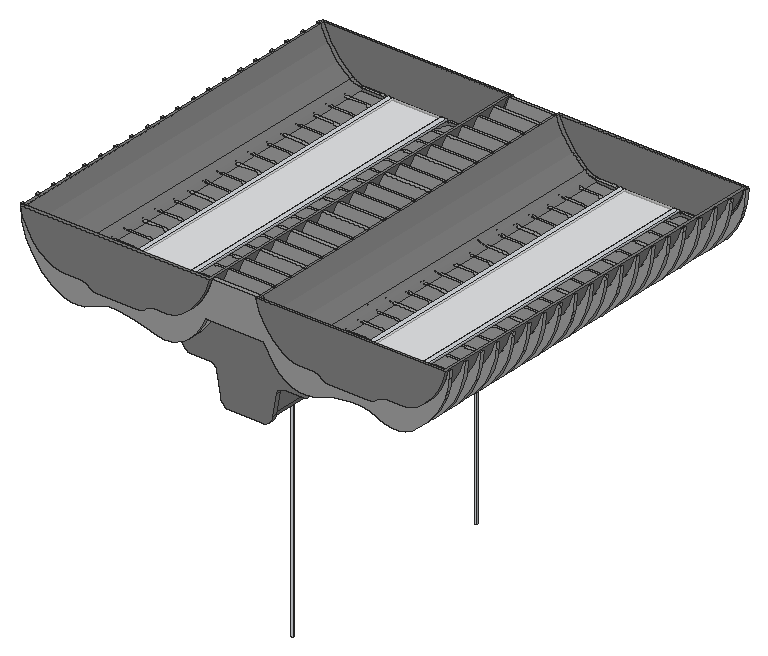
Revit family "0039262 Feilo Sylvania Lighting Fixtures SYLBAY LED 4000K 13KLM WIDE DALI", category Lighting Fixtures, host Face, Revit 2017 (continued)
Definition of nested family "SylbayBody"
  Definition of nested family "SlybayRib"
    Dimensions and locks
      locked: plane 3 "Center (Left/Right)" to Extrusion 2 sketch curve at 83.982  (x2)
      locked: plane 3 "Center (Left/Right)" to Extrusion 2 sketch curve at 79.005  (x2)
      locked: plane 3 "Center (Left/Right)" to Extrusion 2 sketch curve at 119.907  (x2)
      locked: plane 3 "Center (Left/Right)" to Extrusion 2 sketch curve at 61.405  (x2)
      locked: plane 3 "Center (Left/Right)" to Extrusion 2 sketch curve at 138.973  (x2)
      locked: plane 3 "Center (Left/Right)" to Extrusion 2 sketch curve at 84.583  (x2)
      locked: plane 3 "Center (Left/Right)" to Extrusion 2 sketch curve at 117.917  (x2)
      locked: plane 3 "Center (Left/Right)" to Extrusion 2 sketch curve at 132.583  (x2)
      locked: plane 3 "Center (Left/Right)" to Extrusion 2 sketch curve at 69.917  (x2)
      locked: Extrusion 2 sketch curve to plane 6 at 21.825  (x2)
      locked: Extrusion 2 sketch curve to plane 6 at 0.822  (x2)
      locked: plane 6 to Extrusion 2 sketch curve at 10.994  (x2)
      locked: plane 6 to Extrusion 2 sketch curve at 15.285  (x2)
      locked: plane 6 to Extrusion 2 sketch curve at 31.076  (x2)
      locked: plane 6 to Extrusion 2 sketch curve at 33.728  (x4)
      locked: plane 6 to Extrusion 2 sketch curve at 29.917  (x2)
      locked: plane 6 to Extrusion 2 sketch curve at 47.728  (x4)
      locked: plane 6 to Extrusion 2 sketch curve at 100.413  (x2)
      locked: plane 6 to Extrusion 2 sketch curve at 141.419  (x2)
      locked: plane 3 "Center (Left/Right)" to Extrusion 2 sketch curve at 106.788  (x2)
      locked: plane 3 "Center (Left/Right)" to Extrusion 2 sketch curve at 104.198  (x2)
      locked: plane 3 "Center (Left/Right)" to Extrusion 2 sketch curve at 130.69  (x2)
      locked: Extrusion 2 sketch curve to plane 6 at 14.858  (x2)
      locked: plane 6 to Extrusion 2 sketch curve at 10.032  (x2)
      locked: plane 3 "Center (Left/Right)" to Extrusion 2 sketch curve at 145.75  (x2)
      aligned and locked: plane 2 to Extrusion 1
      aligned and locked: level to Extrusion 1
      aligned and locked: plane 6 to Extrusion 2 sketch curve
      aligned and locked: plane 4 to Extrusion 2 sketch curve
      aligned and locked: plane 17 to Extrusion 2 sketch curve
      aligned and locked: plane 14 to Extrusion 2 sketch curve
      aligned and locked: Extrusion 2 sketch curve to plane 17
      aligned and locked: plane 8 to Extrusion 2 sketch curve  (x3)
      aligned and locked: plane 2 to plane 6
      aligned and locked: plane 20 to Extrusion 2 sketch curve
      aligned and locked: plane 11 to Extrusion 2 sketch curve  (x2)
      aligned and locked: plane 12 to Extrusion 2 sketch curve
      aligned and locked: Extrusion 2 sketch curve to plane 6
      aligned and locked: Extrusion 2 sketch curve to level
      aligned and locked: Extrusion 2 sketch curve to plane 11
    Automatic sketch dimensions
      Extrusion 1 sketch curve to Extrusion 1 sketch curve = 2438.4 mm  (x2)
      Extrusion 2 sketch curve to plane 11 = 0 mm  (x6)
      Extrusion 2 sketch curve to plane 8 = 0 mm  (x7)
      Extrusion 2 sketch curve to plane 17 = 0 mm
      Extrusion 2 sketch curve to plane 5 = 0 mm
      Extrusion 2 sketch curve to plane 14 = 0 mm
      Extrusion 2 sketch curve to plane 17 = 2 mm  (x3)
      Extrusion 2 sketch curve to plane 15 = 1.167 mm
      plane 14 to Extrusion 2 sketch curve = 2 mm  (x3)
      Extrusion 2 sketch curve to plane 19 = 1.167 mm
Definition of nested family "SlybayRib"
  Parameters (values of type "SylbayRib")
    URL = "http://www.feilosylvania.com"
    Type Image = (empty or 0)
    Type Comments = "n/a"
    RibThickness_FEILO = 2.5 mm
    RibExtrusionStart_FEILO = RibThickness_FEILO / 2  # 1.25 mm
    RibExtrusionEnd_FEILO = -RibThickness_FEILO / 2  # -1.25 mm
    RibDistance_FEILO = 0 mm
    Model = ""
    Manufacturer = "Feilo Sylvania"
    Keynote = ""
    Description = "n/a"
    Default Elevation = 1219.2 mm
    Cost = 0
    BodyMaterial = none
    Assembly Code = ""
  Reference planes
    plane 1 "Center (Front/Back)": y = 0
    plane 2: z = 0
    plane 3 "Center (Left/Right)": x = 0
    plane 4: x = -187.5
    plane 5: x = 187.5
    plane 6: z = 0
    plane 7: z = -62.478
    plane 8: z = -53.728
    plane 9: x = -102.75
    plane 10: x = 102.75
    plane 11: z = -33.728
    plane 12: x = -185.5
    plane 13: x = -20
    plane 14: z = -43.728
    plane 15: x = -122.75
    plane 16: x = -82.75
    plane 17: z = -37.728
    plane 18: x = -130.75
    plane 19: x = -74.75
    plane 20: x = -145.75
    plane 21: x = -59.75
    plane 22: x = -25.3
  Forms (mm)
    Extrusion 1, solid
      sketch origin (4.2, 0, 0) x (1, 0, 0) y (0, 1, 0)
        loop
          line (-1219.2, 1219.2) -> (-1219.2, -1219.2) -> (1219.2, -1219.2) -> (1219.2, 1219.2) -> (-1219.2, 1219.2)
      from 0 to -304.8
    Extrusion 2, solid, material <- "BodyMaterial"
      sketch origin (0, 0, 0) x (1, 0, 0) y (0, 0, 1)
        loop
          arc (-187.5, 0) -> (-180.003, -30.129) -> (-159.829, -53.728) r 67.598
          arc (-159.829, -53.728) -> (-143.258, -61.567) -> (-125.169, -58.599) r 30.791
          arc (-125.169, -58.599) -> (-113.533, -54.576) -> (-101.25, -53.728) r 46.777
          arc (-101.25, -53.728) -> (-87.202, -55.765) -> (-73.664, -60.037) r 87.865
          arc (-73.664, -60.037) -> (-55.541, -61.903) -> (-39.258, -53.728) r 32.519
          arc (-39.258, -53.728) -> (-31.199, -44.469) -> (-25.254, -33.728) r 58.361
          line (-25.254, -33.728) -> (25.254, -33.728)
          arc (25.254, -33.728) -> (31.199, -44.469) -> (39.258, -53.728) r 58.361
          arc (39.258, -53.728) -> (55.541, -61.903) -> (73.664, -60.037) r 32.519
          arc (73.664, -60.037) -> (87.202, -55.765) -> (101.25, -53.728) r 87.865
          arc (101.25, -53.728) -> (113.533, -54.576) -> (125.169, -58.599) r 46.777
          arc (125.169, -58.599) -> (143.258, -61.567) -> (159.829, -53.728) r 30.791
          arc (159.829, -53.728) -> (180.003, -30.129) -> (187.5, 0) r 67.598
          line (187.5, 0) -> (185.5, 0)
          arc (185.5, 0) -> (176.046, -19.314) -> (160.088, -33.728) r 56.788
          arc (160.088, -33.728) -> (153.193, -36.71) -> (145.75, -37.728) r 27.697
          line (145.75, -37.728) -> (132.583, -37.728)
          arc (132.583, -37.728) -> (129.421, -38.242) -> (126.583, -39.728) r 10
          line (126.583, -39.728) -> (123.917, -41.728)
          arc (123.917, -41.728) -> (121.079, -43.215) -> (117.917, -43.728) r 10
          line (117.917, -43.728) -> (84.583, -43.728)
          arc (84.583, -43.728) -> (81.421, -43.215) -> (78.583, -41.728) r 10
          line (78.583, -41.728) -> (75.917, -39.728)
          arc (75.917, -39.728) -> (73.079, -38.242) -> (69.917, -37.728) r 10
          line (69.917, -37.728) -> (58.25, -37.728)
          arc (58.25, -37.728) -> (51.55, -36.705) -> (45.461, -33.728) r 22.443
          arc (45.461, -33.728) -> (30.027, -18.905) -> (20, 0) r 67.602
          line (20, 0) -> (-20, 0)
          arc (-20, 0) -> (-30.027, -18.905) -> (-45.461, -33.728) r 67.602
          arc (-45.461, -33.728) -> (-51.55, -36.705) -> (-58.25, -37.728) r 22.443
          line (-58.25, -37.728) -> (-69.917, -37.728)
          arc (-69.917, -37.728) -> (-73.079, -38.242) -> (-75.917, -39.728) r 10
          line (-75.917, -39.728) -> (-78.583, -41.728)
          arc (-78.583, -41.728) -> (-81.421, -43.215) -> (-84.583, -43.728) r 10
          line (-84.583, -43.728) -> (-117.917, -43.728)
          arc (-117.917, -43.728) -> (-121.079, -43.215) -> (-123.917, -41.728) r 10
          line (-123.917, -41.728) -> (-126.583, -39.728)
          arc (-126.583, -39.728) -> (-129.421, -38.242) -> (-132.583, -37.728) r 10
          line (-132.583, -37.728) -> (-145.75, -37.728)
          arc (-145.75, -37.728) -> (-153.193, -36.71) -> (-160.088, -33.728) r 27.697
          arc (-160.088, -33.728) -> (-176.046, -19.314) -> (-185.5, 0) r 56.788
          line (-185.5, 0) -> (-187.5, 0)
      from 1.25 <- "RibExtrusionStart_FEILO" to -1.25 <- "RibExtrusionEnd_FEILO"
  Dimensions and locks
    equal spacing: plane 5, plane 3 "Center (Left/Right)", plane 4
    locked: plane 5 to plane 4 at 375
    locked: plane 6 to plane 7 at 62.478
    locked: plane 6 to plane 8 at 53.728
    equal spacing: plane 10, plane 3 "Center (Left/Right)", plane 9
    plane 3 "Center (Left/Right)" to plane 9 = 102.75 mm
    locked: plane 6 to plane 11 at 33.728
    equal spacing: plane 13, plane 9, plane 12
    locked: plane 14 to plane 8 at 10
    equal spacing: plane 16, plane 9, plane 15
    locked: plane 9 to plane 15 at 20
    locked: plane 17 to plane 14 at 6
    equal spacing: plane 19, plane 9, plane 18
    locked: plane 15 to plane 18 at 8
    equal spacing: plane 21, plane 9, plane 20
    locked: plane 18 to plane 20 at 15
    locked: plane 13 to plane 22 at 5.3
    locked: plane 3 "Center (Left/Right)" to Extrusion 2 sketch curve at 83.982  (x2)
    locked: plane 3 "Center (Left/Right)" to Extrusion 2 sketch curve at 79.005  (x2)
    locked: plane 3 "Center (Left/Right)" to Extrusion 2 sketch curve at 119.907  (x2)
    locked: plane 3 "Center (Left/Right)" to Extrusion 2 sketch curve at 61.405  (x2)
    locked: plane 3 "Center (Left/Right)" to Extrusion 2 sketch curve at 138.973  (x2)
    locked: plane 3 "Center (Left/Right)" to Extrusion 2 sketch curve at 84.583  (x2)
    locked: plane 3 "Center (Left/Right)" to Extrusion 2 sketch curve at 117.917  (x2)
    locked: plane 3 "Center (Left/Right)" to Extrusion 2 sketch curve at 132.583  (x2)
    locked: plane 3 "Center (Left/Right)" to Extrusion 2 sketch curve at 69.917  (x2)
    locked: Extrusion 2 sketch curve to plane 6 at 21.825  (x2)
    locked: Extrusion 2 sketch curve to plane 6 at 0.822  (x2)
    locked: plane 6 to Extrusion 2 sketch curve at 10.994  (x2)
    locked: plane 6 to Extrusion 2 sketch curve at 15.285  (x2)
    locked: plane 6 to Extrusion 2 sketch curve at 31.076  (x2)
    locked: plane 6 to Extrusion 2 sketch curve at 33.728  (x4)
    locked: plane 6 to Extrusion 2 sketch curve at 29.917  (x2)
    locked: plane 6 to Extrusion 2 sketch curve at 47.728  (x4)
    locked: plane 6 to Extrusion 2 sketch curve at 100.413  (x2)
    locked: plane 6 to Extrusion 2 sketch curve at 141.419  (x2)
    locked: plane 3 "Center (Left/Right)" to Extrusion 2 sketch curve at 106.788  (x2)
    locked: plane 3 "Center (Left/Right)" to Extrusion 2 sketch curve at 104.198  (x2)
    locked: plane 3 "Center (Left/Right)" to Extrusion 2 sketch curve at 130.69  (x2)
    locked: Extrusion 2 sketch curve to plane 6 at 14.858  (x2)
    locked: plane 6 to Extrusion 2 sketch curve at 10.032  (x2)
    locked: plane 3 "Center (Left/Right)" to Extrusion 2 sketch curve at 145.75  (x2)
    aligned and locked: plane 2 to Extrusion 1
    aligned and locked: level to Extrusion 1
    aligned and locked: plane 6 to Extrusion 2 sketch curve
    aligned and locked: plane 4 to Extrusion 2 sketch curve
    aligned and locked: plane 17 to Extrusion 2 sketch curve
    aligned and locked: plane 14 to Extrusion 2 sketch curve
    aligned and locked: Extrusion 2 sketch curve to plane 17
    aligned and locked: plane 8 to Extrusion 2 sketch curve  (x3)
    aligned and locked: plane 2 to plane 6
    aligned and locked: plane 20 to Extrusion 2 sketch curve
    aligned and locked: plane 11 to Extrusion 2 sketch curve  (x2)
    aligned and locked: plane 12 to Extrusion 2 sketch curve
    aligned and locked: Extrusion 2 sketch curve to plane 6
    aligned and locked: Extrusion 2 sketch curve to level
    aligned and locked: Extrusion 2 sketch curve to plane 11
  Automatic sketch dimensions
    Extrusion 1 sketch curve to Extrusion 1 sketch curve = 2438.4 mm  (x2)
    Extrusion 2 sketch curve to plane 11 = 0 mm  (x6)
    Extrusion 2 sketch curve to plane 8 = 0 mm  (x7)
    Extrusion 2 sketch curve to plane 17 = 0 mm
    Extrusion 2 sketch curve to plane 5 = 0 mm
    Extrusion 2 sketch curve to plane 14 = 0 mm
    Extrusion 2 sketch curve to plane 17 = 2 mm  (x3)
    Extrusion 2 sketch curve to plane 15 = 1.167 mm
    plane 14 to Extrusion 2 sketch curve = 2 mm  (x3)
    Extrusion 2 sketch curve to plane 19 = 1.167 mm
